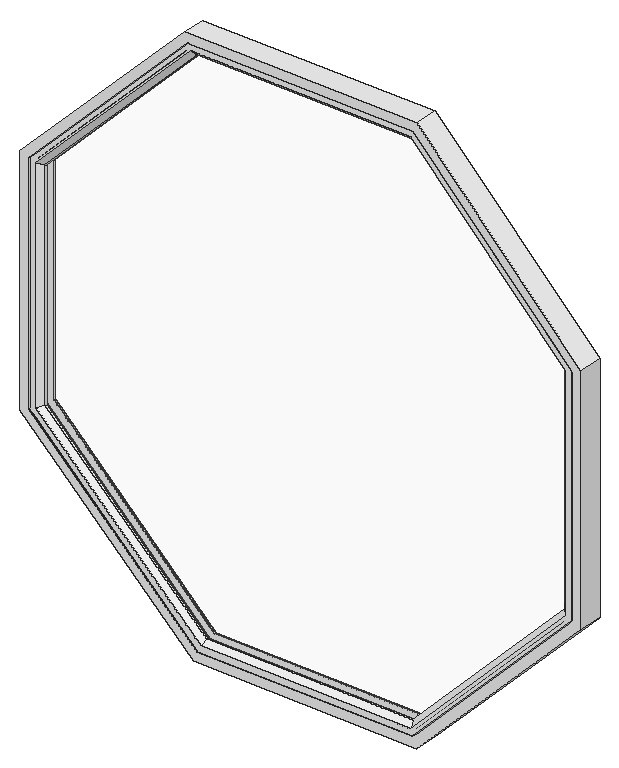
Revit family "Window_Octagon_Vinyl_Harvey", category Windows, host Wall, Revit 2026
Family settings
  Host = Wall
  Classification Number = 23.30.20.17.11
  Always vertical = Yes
  Cut with Voids When Loaded = No
  Shared = No
  Room Calculation Point = No
Parameters (values of type "Custom")
  RO Spacing = 0' - 0 5/8"
  U_Factor [instance] = 0
  URL = "https://harveywindows.com/"
  Specification = "https://www.arcat.com/company/harvey-building-products-32985/spec"
  SHGC [instance] = 0
  Rough Width [instance] = Width + (RO Spacing * 2)  # 4' - 1 1/4"
  Rough Height [instance] = Height + (RO Spacing * 2)  # 4' - 1 1/4"
  R_Value [instance] = 0
  Product Page URL = "https://www.arcat.com/arcatcos/cos32/arc32985.html"
  Operation = "As Specified in 08 53 13"
  MuntinMatl [instance] = ARCAT - Vinyl - PVC - 0.070" - White
  Model = "As Specified in 08 53 13"
  Manufacturer = "Harvey Building Products "
  Extension Jamb Material [instance] = ARCAT - Vinyl - PVC - 0.070" - White
  Extension Jamb Depth [instance] = 0' - 4 9/16"
  Extension Jamb [instance] = no
  Define Thermal Properties by = Schematic Type
  Casing_Flat [instance] = no
  Casing_908 [instance] = no
  CAD Details = "https://www.arcat.com/company/harvey-building-products-32985/cad"
  Angled Width [instance] = Width * (0' 3 33/64" / 1' 0")  # 1' - 2 1/16"
  Keynote = "08 53 13"
  Height [instance] = Width  # 4' - 0"
  Glass Type = ARCAT - Glass - Laminated - Clear
  Glass Thickness = 0' - 0 7/8"
  Frame Material = ARCAT - Vinyl - PVC - 0.070" - White
  F588_Forced-Entry = "As Specified in 08 53 13"
  E547_Water-Resistance = "As Specified in 08 53 13"
  E330_Structural-Test-Pressure = "As Specified in 08 53 13"
  E283_Air-Infiltration = "As Specified in 08 53 13"
  DrawnBy = "Robert S. Weygant. CSI, CDT, SCIP"
  Description = "Vinyl Window as Specified in 08 53 13"
  Sill Height [instance] = 2' - 0"
  Wall Closure = By host
  Width [instance] = 4' - 0"
  Copyright = "©Arcat Inc. 2023"
  Assembly Code = "B2020100"
  Analytic Construction = "<None>"
  AAMA Conformance = "As Specified in 08 53 13"
Reference planes (in)
  plane 1: y = -0.6875
  plane 2 "Center (Left/Right)": x = -7.375
  plane 3 "Left": x = -31.375
  plane 4 "Right": x = 16.625
  plane 5 "Bottom": z = 24
  plane 6 "Exterior": y = 2.3125
  plane 7 "Interior": y = -3.6875
  plane 8 "FrameRight": x = 17.25
  plane 9 "FrameLeft": x = -32
  plane 10 "FrameUpper": z = 72.625
  plane 11 "FrameLower": z = 24.625
  plane 12: z = 0
  plane 13: z = 71.54923
  plane 14: z = 48.625
  plane 15: z = 25.70077
  plane 16: x = 15.54923
  plane 17: x = -30.29923
  plane 18: z = 73.25
  plane 19: x = 2.5625
  plane 20: x = -17.3125
  plane 21: z = 38.6875
  plane 22: z = 58.5625
Forms (in)
  Sweep 1, solid, material "ARCAT - Vinyl - PVC - 0.070" - White" <- "Frame Material"
    path origin (0, 2.3125, 0) x (1, 0, 0) y (0, 0, 1)
      loop
        line (2.5625, 72.625) -> (-17.3125, 72.625) -> (-31.375, 58.5625) -> (-31.375, 38.6875) -> (-16.50876, 24.625) -> (2.5625, 24.625) -> (16.625, 38.6875) -> (16.625, 58.5625) -> (2.5625, 72.625)
    profile origin (-7.375, 2.3125, 72.625) x (0, 0, -1) y (0, -1, 0)
      loop
        line (0, 0) -> (0.75, 0) -> (0.75, 0.5) -> (0.79703, 0.5) -> (0.79703, 0.06085) -> (1.29703, 0.06085) -> (1.73618, 0.5) -> (1.73618, 0.62411) -> (1.07577, 0.62411) -> (1.07577, 1.37411) -> (1.73618, 1.37411) -> (1.73618, 1.49821) -> (1.29703, 1.93737) -> (0.79703, 1.93737) -> (0.79703, 1.49821) -> (0.75, 1.49821) -> (0.75, 1.99821) -> (0, 1.99821) -> (0, 0)
  Extrusion 2, solid, material "ARCAT - Glass - Laminated - Clear" <- "Glass Type"
    sketch origin (0, 2.3125, 0) x (1, 0, 0) y (0, 0, 1)
      loop
        line (-30.30078, 39.15784) -> (-16.08444, 25.69922) -> (2.11535, 25.69922) -> (15.55078, 39.13465) -> (15.55078, 58.11535) -> (2.11535, 71.55078) -> (-16.86535, 71.55078) -> (-30.30078, 58.11535) -> (-30.30078, 39.15784)
    from 0.62411 to 1.37411
  Sweep 3, solid, material "ARCAT - Vinyl - PVC - 0.070" - White" <- "Frame Material", visible <- "Casing_908"
    path in 3D
      loop
        line (2.5625, 2.3125, 72.625) -> (-17.3125, 2.3125, 72.625) -> (-31.375, 2.3125, 58.5625) -> (-31.375, 2.3125, 38.6875) -> (-16.50876, 2.3125, 24.625) -> (2.5625, 2.3125, 24.625) -> (16.625, 2.3125, 38.6875) -> (16.625, 2.3125, 58.5625) -> (2.5625, 2.3125, 72.625)
    profile "P_Casing_908 : P_Casing_908" origin (9.59375, 2.3125, 65.59375) x (0.707107, 0, 0.707107) y (0, 1, 0)
      loop
        line (-0.25, 0) -> (2.125, 0) -> (2.125, 0.6875) -> (1.625, 0.6875) -> (1.625, 0.625)
        arc (1.625, 0.625) -> (1.467, 0.60136) -> (1.32284, 0.53251) r 0.53982
        arc (1.32284, 0.53251) -> (1.17132, 0.46067) -> (1.00526, 0.43725) r 0.55626
        line (1.00526, 0.43725) -> (1.00526, 0.37475) -> (-0.25, 0.37475) -> (-0.25, 0)
  Sweep 4, solid, material "ARCAT - Vinyl - PVC - 0.070" - White" <- "Frame Material", visible <- "Casing_Flat"
    path in 3D
      loop
        line (2.5625, 2.3125, 72.625) -> (-17.3125, 2.3125, 72.625) -> (-31.375, 2.3125, 58.5625) -> (-31.375, 2.3125, 38.6875) -> (-16.50876, 2.3125, 24.625) -> (2.5625, 2.3125, 24.625) -> (16.625, 2.3125, 38.6875) -> (16.625, 2.3125, 58.5625) -> (2.5625, 2.3125, 72.625)
    profile "P_Casing_Flat : P_Casing_Flat" origin (9.59375, 2.3125, 65.59375) x (0.707107, 0, 0.707107) y (0, 1, 0)
      loop
        line (-0.8125, 0) -> (2.1875, 0) -> (2.1875, 0.6875) -> (-0.8125, 0.6875) -> (-0.8125, 0)
  Sweep 5, solid, material "ARCAT - Vinyl - PVC - 0.070" - White" <- "Extension Jamb Material", visible <- "Extension Jamb"
    path in 3D
      loop
        line (-31.375, 0.31429, 38.6875) -> (-16.50876, 0.31429, 24.625) -> (2.5625, 0.31429, 24.625) -> (16.625, 0.31429, 38.6875) -> (16.625, 0.31429, 58.5625) -> (2.5625, 0.31429, 72.625) -> (-17.3125, 0.31429, 72.625) -> (-31.375, 0.31429, 58.5625) -> (-31.375, 0.31429, 38.6875)
    profile origin (-31.375, 0.31429, 48.625) x (-1, 0, 0) y (0, -1, 0)
      loop
        line (0, 0) -> (0, 4.00179) -> (-0.625, 4.00179) -> (-0.625, 0) -> (0, 0)
Lines and regions (in)
  Opening 1
    outline origin (-95.7153, -3.6875, 0) x (1, 0, 0) y (0, 0, 1)
      loop
        line (98.53668, 24) -> (112.9653, 38.42862) -> (112.9653, 58.82138) -> (98.53668, 73.25) -> (78.14392, 73.25) -> (63.7153, 58.82138) -> (63.7153, 38.41839) -> (78.95776, 24) -> (98.53668, 24)
  sketch lines
    curve 1: line (16.625, 2.3125, 58.5625) -> (2.5625, 2.3125, 72.625)
    curve 2: line (2.5625, 2.3125, 72.625) -> (-17.3125, 2.3125, 72.625)
    curve 3: line (-17.3125, 2.3125, 72.625) -> (-31.375, 2.3125, 58.5625)
    curve 4: line (-31.375, 2.3125, 58.5625) -> (-31.375, 2.3125, 38.6875)
    curve 5: line (-31.375, 2.3125, 38.6875) -> (-16.50876, 2.3125, 24.625)
    curve 6: line (-16.50876, 2.3125, 24.625) -> (2.5625, 2.3125, 24.625)
    curve 7: line (2.5625, 2.3125, 24.625) -> (16.625, 2.3125, 38.6875)
    curve 8: line (16.625, 2.3125, 38.6875) -> (16.625, 2.3125, 58.5625)
    curve 9: line (16.625, 2.3125, 58.5625) -> (2.5625, 2.3125, 72.625)
    curve 10: line (2.5625, 2.3125, 72.625) -> (-17.3125, 2.3125, 72.625)
    curve 11: line (-17.3125, 2.3125, 72.625) -> (-31.375, 2.3125, 58.5625)
    curve 12: line (-31.375, 2.3125, 58.5625) -> (-31.375, 2.3125, 38.6875)
    curve 13: line (-31.375, 2.3125, 38.6875) -> (-16.50876, 2.3125, 24.625)
    curve 14: line (-16.50876, 2.3125, 24.625) -> (2.5625, 2.3125, 24.625)
    curve 15: line (2.5625, 2.3125, 24.625) -> (16.625, 2.3125, 38.6875)
    curve 16: line (16.625, 2.3125, 38.6875) -> (16.625, 2.3125, 58.5625)
    curve 17: line (-31.375, 0.31429, 58.5625) -> (-31.375, 0.31429, 38.6875)
    curve 18: line (-17.3125, 0.31429, 72.625) -> (-31.375, 0.31429, 58.5625)
    curve 19: line (2.5625, 0.31429, 72.625) -> (-17.3125, 0.31429, 72.625)
    curve 20: line (16.625, 0.31429, 58.5625) -> (2.5625, 0.31429, 72.625)
    curve 21: line (16.625, 0.31429, 38.6875) -> (16.625, 0.31429, 58.5625)
    curve 22: line (2.5625, 0.31429, 24.625) -> (16.625, 0.31429, 38.6875)
    curve 23: line (-16.50876, 0.31429, 24.625) -> (2.5625, 0.31429, 24.625)
    curve 24: line (-31.375, 0.31429, 38.6875) -> (-16.50876, 0.31429, 24.625)
Text (in)
  text "EXTERIOR" at (-79.42766, 23.47596, 0), in view "Ref. Level"
  text "INTERIOR" at (-79.42766, -17.27685, 0), in view "Ref. Level"
  text "Exterior" at (0, 47.2975, 123.29936), in view "Left"
  text "Exterior" at (0, 19.21628, 132.11189), in view "Right"
Dimensions and locks (in)
  locked: plane 6 "Exterior" to host wall
  locked: host wall to plane 7 "Interior"
  equal spacing: plane 7 "Interior", plane 1, plane 6 "Exterior"
  "Width": plane 3 "Left" to plane 4 "Right"
  "Height": plane 10 "FrameUpper" to plane 11 "FrameLower"
  equal spacing: plane 3 "Left", plane 2 "Center (Left/Right)", plane 4 "Right"
  "RO Spacing": plane 9 "FrameLeft" to plane 3 "Left"
  "RO Spacing": plane 4 "Right" to plane 8 "FrameRight"
  "RO Spacing": plane 11 "FrameLower" to plane 5 "Bottom"
  "Sill Height": plane 5 "Bottom" to plane 12
  locked: plane 10 "FrameUpper" to plane 13 at 1.07577
  locked: plane 15 to plane 11 "FrameLower" at 1.07577
  locked: plane 16 to plane 4 "Right" at 1.07577
  locked: plane 3 "Left" to plane 17 at 1.07577
  "RO Spacing": plane 18 to plane 10 "FrameUpper"
  equal spacing: plane 10 "FrameUpper", plane 14, plane 11 "FrameLower"
  "Angled Width": plane 19 to plane 4 "Right"
  "Angled Width": plane 3 "Left" to plane 20
  "Angled Width": plane 10 "FrameUpper" to plane 22
  "Angled Width": plane 21 to plane 11 "FrameLower"
  Sweep 1 sketch curve to Sweep 1 sketch curve = 4' - 0"  (x2)
  "RO Spacing": Opening 1 sketch curve to Sweep 1  (x4)
  aligned and locked: level to plane 12
  aligned and locked: plane 7 "Interior" to Sweep 5 sketch curve
Automatic sketch dimensions
  Sweep 1 sketch curve to plane 6 "Exterior" = 0' - 0"
  Sweep 1 sketch curve to profile plane = 0' - 0"
  Sweep 1 sketch curve to profile plane = 0' - 0 3/4"  (x2)
  Sweep 1 sketch curve to Sweep 1 sketch curve = 0' - 0.04703"  (x2)
  Sweep 1 sketch curve to Sweep 1 sketch curve = 0' - 0.27874"
  plane 6 "Exterior" to Sweep 1 sketch curve = 0' - 0.06085"
  Sweep 1 sketch curve to Sweep 1 sketch curve = 0' - 0 1/2"  (x2)
  Sweep 1 sketch curve to Sweep 1 sketch curve = 0' - 0.43915"  (x3)
  Sweep 1 sketch curve to Sweep 1 sketch curve = 0' - 0.66041"
  plane 6 "Exterior" to Sweep 1 sketch curve = 0' - 0 1/2"
  Sweep 1 sketch curve to Sweep 1 sketch curve = 0' - 0.12411"  (x3)
  Sweep 1 sketch curve to Sweep 1 sketch curve = 0' - 0 3/4"
  Sweep 1 sketch curve to Sweep 1 sketch curve = 0' - 0.06085"
  Sweep 1 sketch curve to plane 3 "Left" = 0' - 0"
  Sweep 1 sketch curve to plane 10 "FrameUpper" = 0' - 0"
  Sweep 1 sketch curve to plane 20 = 0' - 0"
  Sweep 1 sketch curve to plane 11 "FrameLower" = 0' - 0"
  Sweep 1 sketch curve to plane 19 = 0' - 0"  (x2)
  Sweep 1 sketch curve to plane 4 "Right" = 0' - 0"
  Sweep 1 sketch curve to plane 21 = 0' - 0"  (x2)
  Sweep 1 sketch curve to plane 22 = 0' - 0"  (x2)
  Sweep 1 sketch curve to plane 20 = 0' - 0.80374"
  plane 17 to Extrusion 2 sketch curve = 0' - 0.00155"
  Extrusion 2 sketch curve to plane 13 = 0' - 0.00155"
  Extrusion 2 sketch curve to plane 20 = 0' - 0.44715"
  plane 15 to Extrusion 2 sketch curve = 0' - 0.00155"
  Extrusion 2 sketch curve to plane 20 = 0' - 1.22806"
  plane 19 to Extrusion 2 sketch curve = 0' - 0.44715"  (x2)
  Extrusion 2 sketch curve to plane 16 = 0' - 0.00155"
  plane 21 to Extrusion 2 sketch curve = 0' - 0.44715"
  plane 21 to Extrusion 2 sketch curve = 0' - 0.47034"
  Extrusion 2 sketch curve to plane 22 = 0' - 0.44715"  (x2)
  Opening 1 sketch curve to plane 9 "FrameLeft" = 0' - 0"
  Opening 1 sketch curve to plane 18 = 0' - 0"
  Opening 1 sketch curve to plane 5 "Bottom" = 0' - 0"
  Opening 1 sketch curve to plane 8 "FrameRight" = 0' - 0"
  Sweep 5 sketch curve to profile plane = 0' - 0"  (x2)
  Sweep 5 sketch curve to profile plane = 0' - 0 5/8"
